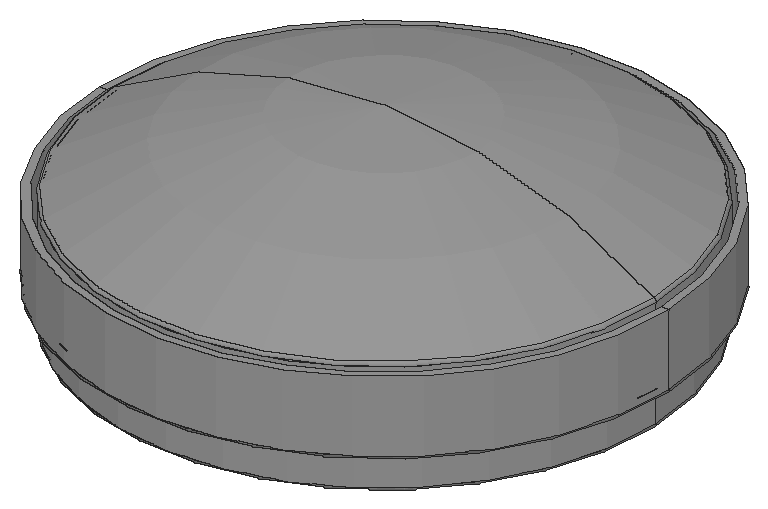
Revit family "3034786 Sylvania Lighting Fixture GIOTTO305 LED G2 4000K RECESSED 1-10V EMERGENCY", category Lighting Fixtures, host Face, Revit 2016
Family settings
  Host = Face
  Part Type = Normal
  Round Connector Dimension = Use Diameter
  OmniClass Number = 23.80.70.00
  OmniClass Title = Lighting
  Cut with Voids When Loaded = No
  Light Source = Yes
  Shared = No
  Room Calculation Point = No
Parameters (values of type "3034786 GIOTTO305 LED G2 4000K RECESSED 1-10V EMERGENCY Emergency mode")
  Weight = "1.41 kg"
  Wattage Comments = ""
  Wattage = 20 W
  WarrantyStartDate [instance] = "n/a"
  WarrantyGuarantorParts = "n/a"
  WarrantyDurationUnit = "n/a"
  WarrantyDurationParts = "n/a"
  WarrantyDescription = "n/a"
  built-in parameter 1150110 = 1 (stored number, unit not read)
  Voltage = 0 V
  URL = "http://www.sylvania-lighting.com"
  TypeName = "GIOTTO305 LED G2 4000K RECESSED 1-10V EMERGENCY Emergency mode"
  Type Image = <None>
  Type Comments = "n/a"
  built-in parameter 1114217 = 1 (stored number, unit not read)
  Tilt Angle = -90.00°
  built-in parameter 1150109 = 1 (stored number, unit not read)
  built-in parameter 1150134 = 12
  built-in parameter 1150113 = 1 (stored number, unit not read)
  SerialNumber [instance] = "n/a"
  Photometric Web File = "3034786EM.ies"
  Material_3_SYL = LED-Sylvania
  PowerFactor = 0
  PowerConsumption = "20 W"
  NominalLength = 305 mm
  NominalHeight = 104 mm
  NominalDepth = 305 mm
  Name = "GIOTTO305 LED G2 4000K RECESSED 1-10V EMERGENCY Emergency mode"
  ModelReference = Name  # "GIOTTO305 LED G2 4000K RECESSED 1-10V EMERGENCY Emergency mode"
  ModelNumber = "3034786"
  Model = Name  # "GIOTTO305 LED G2 4000K RECESSED 1-10V EMERGENCY Emergency mode"
  Material = "polycarbonate housing, polycarbonate diffuser"
  ManufacturerName = "Feilo Sylvania"
  Manufacturer = "Feilo Sylvania"
  LuminousEfficacy = "5.45 lm/W"
  built-in parameter 1150105 = 8.6739 (stored number, unit not read)
  Lumens = 109 lm
  LuminaireType = ""
  built-in parameter 1150115 = 1 (stored number, unit not read)
  LightOutputRatio = "n/a"
  built-in parameter 1150137 = (empty or 0)
  built-in parameter 1150139 = (empty or 0)
  LampsType = Lamp  # "LED"
  LampNominalLuminous = "109 lm"
  LampMacAdamStep = "n/a"
  LampColourTemperature = "4000 K"
  LampColourRenderingIndex = "80"
  built-in parameter 1150112 = 1 (stored number, unit not read)
  built-in parameter 1150114 = 1 (stored number, unit not read)
  Lamp = "LED"
  Keynote = "16500"
  InstallationDate [instance] = "n/a"
  InputVoltage = "n/a"
  InputNominalFrequency = "n/a"
  built-in parameter 1150132 = (empty or 0)
  built-in parameter 1150102 = (empty or 0)
  built-in parameter 1150107 = 4000 (stored number, unit not read)
  built-in parameter 1150138 = (empty or 0)
  IngressProtection = "IP44"
  ImpactProtectionIndex = "IK10"
  built-in parameter 1150106 = 0.086739 (stored number, unit not read)
  IfcExportType = "IfcLightFixtureType"
  IfcExportAs = "IfcLightFixtureType"
  Height_SYL = 104 mm
  ExpectedLife = 50000
  Emit from Circle Diameter = 317 mm
  Emit Shape Visible in Rendering = no
  ElectricShockClassification = "Class I"
  built-in parameter 1150104 = 0.50632 (stored number, unit not read)
  DurationUnit = "hours"
  DocumentationLiterature = "http://www.sylvania-lighting.com/product/en-int/products/3034786"
  DimmingControlOptions = "n/a"
  Material_2_SYL = Polycarbonate_Sylvania_Giotto_Opal
  Dimming Lamp Color Temperature Shift = <None>
  DiffuserRadius_SYL = 282.611 mm
  Diameter_SYL = 305 mm
  Description = "Ambient and decorative round, recessed mounted LED bulkhead luminaire. White robust polycarbonate body with opal diffuser, 1596 lm, 20W, 80lm/W, 4000K, CRI 80, 1-10V dimmable, integral 3 hour maintained emergency, 50,000 hours lumen maintenance. Drive current: 700mA, IP44, IK10, Class I, 220-240V, Energy class: A++, A+, A."
  Default Elevation = 1219.2 mm
  CreatedOn = "11/7/2018"
  CreatedBy = "@sylvania-lighting.com"
  Cost = 0
  Color Filter = 16777215
  built-in parameter 1114216 [instance] = (empty or 0)
  ClassificationValue = "EF_70_80"
  ClassificationName = "Uniclass2015"
  Material_1_SYL = Polycarbonate_Sylvania_Giotto_White
  BarCode [instance] = "n/a"
  built-in parameter 1114218 = 1 (stored number, unit not read)
  built-in parameter 1150133 = 10 (stored number, unit not read)
  AssetType = "Fixed"
  AssetIdentifier [instance] = "n/a"
  Assembly Code = "D5020200"
  Apparent Load = 20 VA
  Material_4_SYL = none
Types (2, lengths in mm): name | TypeName | Photometric Web File | Name | ModelReference | Model | LuminousEfficacy | built-in parameter 1150105 | Lumens | LampNominalLuminous | built-in parameter 1150106 | built-in parameter 1150104
  3034786 GIOTTO305 LED G2 4000K RECESSED 1-10V EMERGENCY Emergency mode | "GIOTTO305 LED G2 4000K RECESSED 1-10V EMERGENCY Emergency mode" | "3034786EM.ies" | "GIOTTO305 LED G2 4000K RECESSED 1-10V EMERGENCY Emergency mode" | "GIOTTO305 LED G2 4000K RECESSED 1-10V EMERGENCY Emergency mode" | "GIOTTO305 LED G2 4000K RECESSED 1-10V EMERGENCY Emergency mode" | "5.45 lm/W" | 8.6739 (stored number, unit not read) | 109 lm | "109 lm" | 0.086739 (stored number, unit not read) | 0.50632 (stored number, unit not read)
  3034786 GIOTTO305 LED G2 4000K RECESSED 1-10V EMERGENCY | "GIOTTO305 LED G2 4000K RECESSED 1-10V EMERGENCY" | "3034786.ies" | "GIOTTO305 LED G2 4000K RECESSED 1-10V EMERGENCY" | "GIOTTO305 LED G2 4000K RECESSED 1-10V EMERGENCY" | "GIOTTO305 LED G2 4000K RECESSED 1-10V EMERGENCY" | "80 lm/W" | 127.32 (stored number, unit not read) | 1600 lm | "1596 lm" | 1.2732 (stored number, unit not read) | 7.4322 (stored number, unit not read)
Reference planes
  plane 1 "Center (Front/Back)": y = 0
  plane 2: z = 0
  plane 3 "Center (Left/Right)": x = 0
  plane 4: x = 152.5
  plane 5: x = -152.5
  plane 6: x = -145.5
  plane 7: x = -148.5
  plane 8: z = 104
  plane 9: z = 59
  plane 10: z = 19
  plane 11: z = 24
  plane 12: x = -150.9
  plane 13: z = 20.6
  plane 14: z = 1.6
  plane 15: x = -143.9
  plane 16: z = 18
  plane 17: x = -146.5
  plane 18: z = 25
  plane 19: z = 61
Forms (mm)
  Revolve 1, solid, material "Polycarbonate_Sylvania_Giotto_White" <- "Material_1_SYL"
    sketch origin (0, 0, 0) x (1, 0, 0) y (0, 0, 1)
      loop
        line (0, 0) -> (0, 25) -> (-143.9, 25) -> (-143.9, 24) -> (-148.5, 24) -> (-148.5, 59) -> (-152.5, 59) -> (-152.5, 20.6)
        arc (-152.5, 20.6) -> (-152.031, 19.469) -> (-150.9, 19) r 1.6
        line (-150.9, 19) -> (-146.5, 19)
        arc (-146.5, 19) -> (-145.793, 18.707) -> (-145.5, 18) r 1
        line (-145.5, 18) -> (-145.5, 1.6)
        arc (-145.5, 1.6) -> (-145.031, 0.469) -> (-143.9, 0) r 1.6
        line (-143.9, 0) -> (0, 0)
      axis (0, 59) -> (0, 0)
    angle from 360 to 0
  Revolve 2, solid, material "Polycarbonate_Sylvania_Giotto_Opal" <- "Material_2_SYL"
    sketch origin (0, 0, 0) x (1, 0, 0) y (0, 0, 1)
      loop
        line (-145.5, 24) -> (-143.9, 24) -> (-143.9, 59.636)
        arc (-143.9, 59.636) -> (-143.79, 60.068) -> (-143.485, 60.394) r 0.9
        arc (-143.485, 60.394) -> (-74.754, 91.683) -> (0, 102.4) r 266.066
        line (0, 102.4) -> (0, 104)
        arc (0, 104) -> (-75.203, 93.218) -> (-144.348, 61.742) r 267.666
        arc (-144.348, 61.742) -> (-145.193, 60.836) -> (-145.5, 59.636) r 2.5
        line (-145.5, 59.636) -> (-145.5, 24)
      axis (0, 104) -> (0, 24)
    angle from 360 to 0
Dimensions and locks
  equal spacing: plane 4, plane 3 "Center (Left/Right)", plane 5
  "Diameter_SYL": plane 4 to plane 5
  locked: plane 6 to plane 5 at 7
  locked: plane 7 to plane 5 at 4
  "Height_SYL": plane 8 to plane 2
  locked: plane 8 to plane 9 at 45
  locked: plane 9 to plane 10 at 40
  Revolve 1 sketch curve to Revolve 1 sketch curve = 4.4 mm
  locked: plane 11 to plane 10 at 5
  locked: plane 12 to plane 5 at 1.6
  locked: plane 13 to plane 10 at 1.6
  locked: plane 14 to plane 2 at 1.6
  locked: plane 15 to plane 6 at 1.6
  locked: plane 6 to plane 17 at 1
  locked: plane 10 to plane 16 at 1
  locked: plane 18 to plane 11 at 1
  locked: plane 19 to plane 9 at 2
  aligned and locked: plane 2 to host face
  aligned and locked: level to host face
  aligned and locked: Revolve 1 sketch curve to plane 3 "Center (Left/Right)"
  aligned and locked: level to Revolve 1 sketch curve
  aligned and locked: Revolve 1 sketch curve to plane 10
  aligned and locked: plane 9 to Revolve 1 sketch curve
  aligned and locked: Revolve 1 sketch curve to plane 7
  aligned and locked: plane 12 to Revolve 1 sketch curve  (x2)
  aligned and locked: plane 13 to Revolve 1 sketch curve  (x2)
  aligned and locked: plane 15 to Revolve 1 sketch curve  (x3)
  aligned and locked: plane 14 to Revolve 1 sketch curve  (x2)
  aligned and locked: plane 3 "Center (Left/Right)" to imposter light
  aligned and locked: imposter light to plane 1 "Center (Front/Back)"
  aligned and locked: plane 18 to Revolve 1 sketch curve
  aligned and locked: plane 11 to Revolve 1 sketch curve
  aligned and locked: imposter light to plane 8
  aligned and locked: plane 6 to Revolve 1 sketch curve
  aligned and locked: plane 17 to Revolve 1 sketch curve
  aligned and locked: plane 16 to Revolve 1 sketch curve
  aligned and locked: Revolve 2 sketch curve to plane 3 "Center (Left/Right)"
  aligned and locked: plane 6 to Revolve 2 sketch curve
  aligned and locked: plane 3 "Center (Left/Right)" to Revolve 2 sketch curve
  aligned and locked: plane 11 to Revolve 2 sketch curve
  aligned and locked: Revolve 2 sketch curve to imposter light
Automatic sketch dimensions
  host sketch curve to host sketch curve = 2438.4 mm  (x2)
  Revolve 1 sketch curve to plane 3 "Center (Left/Right)" = 0 mm
  Revolve 1 sketch curve to level = 609.6 mm
  Revolve 1 sketch curve to plane 8 = 2499.058 mm
  Revolve 2 sketch curve to Revolve 2 sketch curve = 0 mm  (x4)
  Revolve 2 sketch curve to plane 15 = 0 mm
  Revolve 2 sketch curve to plane 8 = 0 mm
  plane 15 to Revolve 2 sketch curve = 0.9 mm
  Revolve 2 sketch curve to level = 163.666 mm
  Revolve 2 sketch curve to plane 9 = 0.636 mm
  Revolve 2 sketch curve to Revolve 2 sketch curve = 445.934 mm
  Revolve 2 sketch curve to plane 8 = 2505.058 mm
Connectors
  electrical at (0, 0, 0), driven by "Apparent Load", driven by "PowerFactor", driven by "Voltage"
    settings: index 1, voltage 0 V, apparent load 20 VA, apparent load phase1 0 VA, apparent load phase2 0 VA, apparent load phase3 0 VA, power factor 0, load classification "Lighting", number of poles 1, system type 30, power factor state 1, is connector primary yes, connector utility no, sub classification motor no, connector description ""
